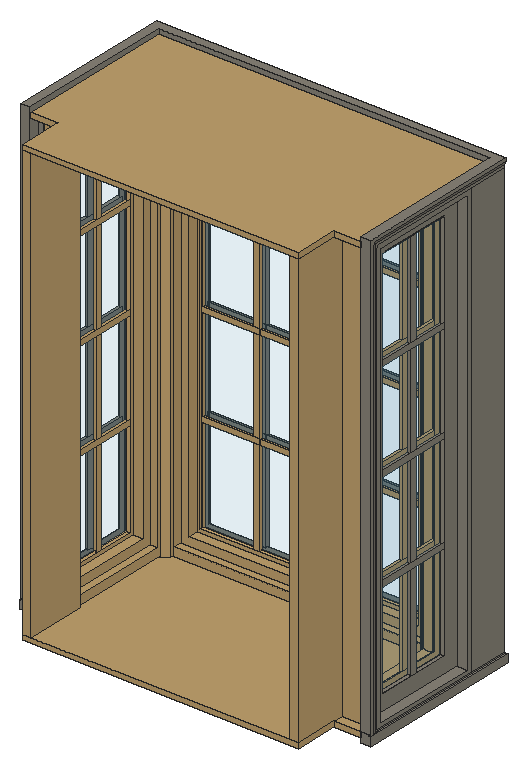
Revit family (continued)
Definition of nested family "Bay_Plan_Detail"
  Lines and regions (in)
    detail lines, style "Frame/Mullion", in view "Ref. Level", detail levels coarse+medium
      curve 31: line (16.812, 18.07551, 36.1875) -> (15.104, 18.07551, 36.1875)
      curve 32: line (15.104, 18.07551, 36.1875) -> (15.104, 19.69651, 36.1875)
      curve 34: line (23.656, 15.5, 36.1875) -> (18, 15.5, 36.1875)
      curve 35: line (18, 15.50051, 36.1875) -> (18, 14.31316, 36.1875)
      curve 36: line (18, 14.312, 36.1875) -> (23.656, 14.312, 36.1875)
      curve 37: line (23.65651, 14.31316, 36.1875) -> (23.65651, 21.15651, 36.1875)
      curve 38: line (22.19651, 12.60516, 36.1875) -> (22.19651, 14.31316, 36.1875)
      curve 39: line (20.57551, 14.31316, 36.1875) -> (20.57551, 12.60516, 36.1875)
      curve 40: line (20.575, 12.60516, 36.1875) -> (22.196, 12.60516, 36.1875)
      curve 41: line (20.57551, 0.688, 36.1875) -> (20.57551, 2.396, 36.1875)
      curve 42: line (22.19651, 2.396, 36.1875) -> (22.19651, 0.688, 36.1875)
      curve 43: line (20.575, 2.396, 36.1875) -> (22.196, 2.396, 36.1875)
      curve 44: line (18, 0.688, 36.1875) -> (23.656, 0.688, 36.1875)
      curve 45: line (18, -0.5, 36.1875) -> (18, 0.688, 36.1875)
      curve 46: line (23.656, -0.5, 36.1875) -> (18, -0.5, 36.1875)
      curve 47: line (23.65651, 0.688, 36.1875) -> (23.65651, -0.5, 36.1875)
      curve 49: line (-23.65651, 15.5, 0) -> (-18, 15.5, 0)
      curve 50: line (-18, 15.5, 0) -> (-18, 14.312, 0)
      curve 51: line (-18, 14.312, 0) -> (-23.65651, 14.312, 0)
      curve 52: line (-23.65651, 14.312, 0) -> (-23.65651, 21.15651, 0)
      curve 53: line (-22.19651, 12.604, 0) -> (-22.19651, 14.312, 0)
      curve 54: line (-20.57551, 14.312, 0) -> (-20.57551, 12.604, 0)
      curve 55: line (-20.57551, 12.604, 0) -> (-22.19651, 12.604, 0)
      curve 56: line (-20.57551, 0.688, 0) -> (-20.57551, 2.396, 0)
      curve 57: line (-22.19651, 2.396, 0) -> (-22.19651, 0.688, 0)
      curve 58: line (-20.57551, 2.396, 0) -> (-22.19651, 2.396, 0)
      curve 59: line (-18, 0.688, 0) -> (-23.65651, 0.688, 0)
      curve 60: line (-18, -0.5, 0) -> (-18, 0.688, 0)
      curve 61: line (-23.65651, -0.5, 0) -> (-18, -0.5, 0)
      curve 62: line (-23.65651, 0.688, 0) -> (-23.65651, -0.5, 0)
    detail lines, style "Glass", in view "Ref. Level", detail levels coarse+medium
      curve 33: line (-15.104, 18.89458, 36.1875) -> (15.104, 18.89458, 36.1875)
      curve 48: line (21.3855, 2.396, 36.1875) -> (21.3855, 12.60516, 36.1875)
      curve 63: line (-21.38601, 2.396, 0) -> (-21.38601, 12.604, 0)
    detail lines, in view "Ref. Level", detail levels coarse+medium
      curve 64: line (-22.19651, 2.396, 0) -> (-22.19651, 12.604, 0)
      curve 65: line (-20.57551, 2.396, 0) -> (-20.57551, 12.604, 0)
      curve 66: line (-15.104, 19.69651, 0) -> (15.104, 19.69651, 0)
      curve 67: line (-15.104, 18.07551, 0) -> (15.104, 18.07551, 0)
      curve 68: line (22.19651, 12.60516, 0) -> (22.19651, 2.396, 0)
      curve 69: line (20.57551, 12.60516, 0) -> (20.57551, 2.396, 0)
  Dimensions and locks (in)
    equal spacing: plane 7, plane 3 "Center (Left/Right)", plane 8
    locked: plane 4 to plane 7 at 4.5625
    locked: plane 8 to plane 5 at 4.5625
    "Center Unit Width": plane 7 to plane 8
    locked: plane 9 to plane 6 "Projection" at 4.5625
    "Side Unit Width": plane 1 "Center (Front/Back)" to plane 9
    aligned and locked: plane 6 "Projection" to nested 6
    aligned and locked: nested 5 to plane 6 "Projection"
    aligned and locked: plane 1 "Center (Front/Back)" to nested 1
    aligned and locked: plane 4 to nested 1
    aligned and locked: nested 2 to plane 1 "Center (Front/Back)"
    aligned and locked: nested 2 to plane 5
    aligned and locked: nested 3 to plane 4
    aligned and locked: plane 5 to nested 4
    aligned and locked: curve 7 to nested 6
    aligned and locked: curve 6 to nested 6
    aligned and locked: curve 5 to nested 5
    aligned and locked: nested 5 to curve 6
    aligned and locked: curve 7 to nested 5
    aligned and locked: curve 8 to nested 5
    aligned and locked: nested 6 to plane 7
    aligned and locked: nested 5 to plane 8
    aligned and locked: plane 9 to nested 3
    aligned and locked: nested 4 to plane 9
    aligned and locked: curve 9 to nested 1  (x2)
    aligned and locked: nested 1 to curve 10
    aligned and locked: curve 10 to nested 1
    aligned and locked: curve 11 to nested 1  (x2)
    aligned and locked: nested 1 to curve 12
    aligned and locked: curve 12 to nested 1
    aligned and locked: curve 13 to nested 2
    aligned and locked: curve 14 to nested 2
    aligned and locked: nested 2 to curve 15
    aligned and locked: curve 15 to nested 2
    aligned and locked: curve 16 to nested 2  (x2)
    aligned and locked: nested 2 to curve 17
    aligned and locked: curve 17 to nested 2
    aligned and locked: nested 1 to curve 18  (x2)
    aligned and locked: nested 6 to curve 21
    aligned and locked: curve 19 to plane 7
    aligned and locked: curve 22 to nested 6
    aligned and locked: plane 9 to curve 20
    aligned and locked: curve 23 to nested 6
    aligned and locked: nested 6 to curve 24
    aligned and locked: curve 25 to curve 33
    aligned and locked: curve 28 to nested 5
    aligned and locked: curve 26 to plane 8
    aligned and locked: curve 29 to nested 5
    aligned and locked: curve 27 to plane 9
    aligned and locked: curve 32 to curve 33
    aligned and locked: curve 46 to plane 1 "Center (Front/Back)"
    aligned and locked: curve 47 to nested 2
    aligned and locked: curve 44 to nested 2
    aligned and locked: plane 8 to curve 45
    aligned and locked: nested 2 to curve 41
    aligned and locked: curve 42 to nested 2
    aligned and locked: curve 43 to curve 48
    aligned and locked: curve 34 to plane 9
    aligned and locked: curve 35 to plane 8
    aligned and locked: curve 37 to nested 4
    aligned and locked: curve 36 to nested 4
    aligned and locked: curve 38 to nested 4
    aligned and locked: nested 4 to curve 39
    aligned and locked: curve 40 to curve 48
    aligned and locked: plane 1 "Center (Front/Back)" to curve 61
    aligned and locked: plane 7 to curve 60
    aligned and locked: curve 62 to nested 1
    aligned and locked: curve 59 to nested 1
    aligned and locked: nested 1 to curve 56
    aligned and locked: curve 58 to nested 1
    aligned and locked: plane 9 to curve 49
    aligned and locked: curve 51 to nested 3
    aligned and locked: nested 3 to curve 54
    aligned and locked: curve 53 to nested 3
    aligned and locked: curve 55 to nested 3
    aligned and locked: nested 1 to curve 64
    aligned and locked: nested 1 to curve 65
    aligned and locked: curve 30 to nested 5
    aligned and locked: nested 5 to curve 31
    aligned and locked: curve 25 to curve 66
    aligned and locked: curve 66 to curve 23
    aligned and locked: curve 67 to curve 25
    aligned and locked: curve 24 to curve 67
    aligned and locked: curve 68 to curve 38
    aligned and locked: curve 40 to curve 69
    aligned and locked: curve 39 to curve 69
  Automatic sketch dimensions
    curve 19 to plane 6 "Projection" = 0' - 1.09401"
    curve 19 to plane 9 = 0' - 0.00908"
    plane 4 to curve 20 = 0' - 4 9/16"
    curve 20 to curve 20 = 0' - 1.188"
    curve 21 to plane 6 "Projection" = 0' - 1.09401"
    curve 21 to plane 9 = 0' - 0.00908"
    curve 22 to plane 4 = 0' - 1.09401"
    curve 22 to curve 22 = 0' - 6.84451"
    plane 7 to curve 23 = 0' - 1.188"
    plane 7 to curve 23 = 0' - 2.896"
    plane 7 to curve 24 = 0' - 1.188"
    plane 7 to curve 24 = 0' - 2.896"
    plane 6 "Projection" to curve 25 = 0' - 0.36599"
    plane 6 "Projection" to curve 25 = 0' - 1.98699"
    curve 26 to plane 6 "Projection" = 0' - 1.09401"
    curve 26 to plane 9 = 0' - 0"
    curve 27 to plane 8 = 0' - 1.188"
    curve 27 to curve 27 = 0' - 1.188"
    curve 28 to plane 6 "Projection" = 0' - 1.09401"
    curve 28 to plane 9 = 0' - 0"
    curve 29 to plane 8 = 0' - 1.188"
    curve 29 to curve 29 = 0' - 6.84451"
    curve 30 to plane 8 = 0' - 2.896"
    curve 30 to curve 30 = 0' - 1.708"
    curve 31 to plane 8 = 0' - 2.896"
    curve 31 to curve 31 = 0' - 1.708"
    plane 6 "Projection" to curve 32 = 0' - 0.36599"
    plane 6 "Projection" to curve 32 = 0' - 1.98699"
    plane 5 to curve 34 = 0' - 4 9/16"
    curve 34 to curve 34 = 0' - 5.656"
    plane 6 "Projection" to curve 35 = 0' - 4.56199"
    curve 35 to curve 35 = 0' - 1.18735"
    plane 5 to curve 36 = 0' - 4 9/16"
    curve 36 to curve 36 = 0' - 5.656"
    curve 37 to plane 6 "Projection" = 0' - 1.09401"
    curve 37 to curve 37 = 0' - 6.84335"
    plane 6 "Projection" to curve 38 = 0' - 5.74934"
    curve 38 to curve 38 = 0' - 1.708"
    plane 6 "Projection" to curve 39 = 0' - 5.74934"
    curve 39 to curve 39 = 0' - 1.708"
    plane 5 to curve 40 = 0' - 1.9875"
    curve 40 to curve 40 = 0' - 1.621"
    curve 41 to plane 1 "Center (Front/Back)" = 0' - 2.896"
    curve 41 to plane 1 "Center (Front/Back)" = 0' - 1.188"
    curve 42 to plane 1 "Center (Front/Back)" = 0' - 2.896"
    curve 42 to plane 1 "Center (Front/Back)" = 0' - 1.188"
    plane 5 to curve 43 = 0' - 1.9875"
    curve 43 to curve 43 = 0' - 1.621"
    plane 5 to curve 44 = 0' - 4 9/16"
    curve 44 to curve 44 = 0' - 5.656"
    curve 45 to plane 1 "Center (Front/Back)" = 0' - 1.188"
    plane 1 "Center (Front/Back)" to curve 45 = 0' - 0"
    plane 5 to curve 46 = 0' - 4 9/16"
    curve 46 to curve 46 = 0' - 5.656"
    curve 47 to plane 1 "Center (Front/Back)" = 0' - 1.188"
    plane 1 "Center (Front/Back)" to curve 47 = 0' - 0"
    plane 6 "Projection" to curve 33 = 0' - 1.16792"
    plane 7 to curve 33 = 0' - 2.896"
    curve 33 to plane 8 = 0' - 2.896"
    plane 5 to curve 48 = 0' - 1.177"
    plane 9 to curve 48 = 0' - 2.89484"
    curve 48 to plane 1 "Center (Front/Back)" = 0' - 2.896"
    curve 51 to plane 7 = 0' - 0"
    curve 49 to plane 4 = 0' - 1.09401"
    curve 63 to curve 11 = 0' - 0.20426"
    curve 2 to plane 7 = 0' - 0.00051"
    curve 6 to curve 7 = 0' - 0"
    curve 8 to curve 7 = 0' - 0"
    curve 5 to curve 6 = 0' - 0"  (x2)
    curve 67 to curve 6 = 0' - 0.543"
    curve 66 to curve 6 = 0' - 0.543"
    curve 8 to curve 6 = 0' - 0"
    curve 7 to curve 8 = 0' - 0"
    plane 8 to curve 4 = 0' - 0.00051"
    curve 3 to plane 5 = 0' - 1.09401"
    curve 13 to curve 15 = 0' - 0"
    curve 14 to curve 13 = 0' - 0"
    curve 16 to curve 68 = 0' - 0.543"
    curve 69 to curve 17 = 0' - 0.17916"
    curve 18 to curve 54 = 0' - 0.17916"
    curve 17 to curve 69 = 0' - 0.18032"
    curve 68 to curve 69 = 0' - 0"
    curve 69 to curve 14 = 0' - 0.54184"
    curve 63 to curve 10 = 0' - 0.543"
    curve 16 to curve 14 = 0' - 0"
    curve 11 to curve 10 = 0' - 0"
    curve 15 to curve 16 = 0' - 0"
    curve 12 to curve 11 = 0' - 0"
    curve 9 to curve 10 = 0' - 0"
    curve 13 to curve 14 = 0' - 0"
    curve 3 to plane 9 = 0' - 0.00051"
    curve 4 to plane 6 "Projection" = 0' - 1.09331"
    curve 2 to plane 6 "Projection" = 0' - 1.09401"
  Nested families (in)
    nested 1: "Jamb_Detail" at (-22.5625, -0.5, 0) x (0, 1, 0) z (0, 0, 1), type "Jamb_Detail", in view "Ref. Level", detail levels fine
    nested 2: "Jamb_Detail" at (22.5625, -0.5, 0) x (0, 1, 0) z (0, 0, 1), type "Jamb_Detail", in view "Ref. Level", detail levels fine
    nested 3: "Jamb_Detail" at (-22.5625, 15.5, 0) x (0, -1, 0) z (0, 0, 1), type "Jamb_Detail", in view "Ref. Level", detail levels fine
    nested 4: "Jamb_Detail" at (22.5625, 15.5, 0) x (0, -1, 0) z (0, 0, 1), type "Jamb_Detail", in view "Ref. Level", detail levels fine
    nested 5: "Jamb_Detail" at (18, 20.0625, 0) x (-1, 0, 0) z (0, 0, 1), type "Jamb_Detail", in view "Ref. Level", detail levels fine
      with Screen no
    nested 6: "Jamb_Detail" at (-18, 20.0625, 0), type "Jamb_Detail", in view "Ref. Level", detail levels fine
      with Screen no
  Definition of nested family "Jamb_Detail"
    Parameters (values of type "Jamb_Detail")
      Screen [instance] = yes
      Assembly Code = ""
    Reference planes (in)
      plane 1 "Center (Front/Back)": y = 0
      plane 2: z = 0
      plane 3 "Center (Left/Right)": x = 0
    Lines and regions (in)
      detail lines, style "Cut Lines", in view "Ref. Level"
        curve 1: line (0, 4.56199, 0) -> (1.188, 4.56199, 0)
        curve 2: line (0, -1.09401, 0) -> (0, 4.56199, 0)
        curve 3: line (1.188, 4.56199, 0) -> (1.188, 0.76198, 0)
        curve 4: line (0.52105, -1.09401, 0) -> (0, -1.09401, 0)
        curve 5: line (0.637, 0.56409, 0) -> (0.52105, -1.09401, 0)
        curve 6: line (0.637, 0.56409, 0) -> (0.637, 1.98699, 0)
        curve 7: line (1.188, 3.46342, 0) -> (2.115, 3.46342, 0)
        curve 8: line (2.115, 3.46342, 0) -> (2.115, 2.86577, 0)
        curve 9: line (2.30184, 2.86577, 0) -> (2.30184, 2.34399, 0)
        curve 10: line (2.489, 2.34399, 0) -> (2.489, 1.98699, 0)
        curve 11: line (2.115, 2.86577, 0) -> (2.30184, 2.86577, 0)
        curve 12: line (0.805, 0.76198, 0) -> (1.188, 0.76198, 0)
        curve 13: line (0.805, 0.36599, 0) -> (0.805, 0.76198, 0)
        curve 14: line (2.696, 0.36599, 0) -> (0.805, 0.36599, 0)
        curve 15: line (2.696, 0.4846, 0) -> (2.696, 0.36599, 0)
        curve 16: line (2.896, 0.6846, 0) -> (2.696, 0.4846, 0)
        curve 17: line (2.208, 0.71396, 0) -> (2.896, 0.71396, 0)
        curve 18: line (2.208, 1.50299, 0) -> (2.208, 0.71396, 0)
        curve 19: line (2.896, 1.50299, 0) -> (2.208, 1.50299, 0)
        curve 20: line (2.896, 1.67399, 0) -> (2.896, 1.50299, 0)
        curve 21: line (2.677, 1.98699, 0) -> (2.677, 1.89299, 0)
        curve 22: line (0.637, 1.98699, 0) -> (2.677, 1.98699, 0)
        curve 23: line (2.896, 0.71396, 0) -> (2.896, 0.6846, 0)
        curve 24: line (2.677, 1.89299, 0) -> (2.896, 1.67399, 0)
        curve 34: line (2.353, 1.38075, 0) -> (2.353, 1.49875, 0)
        curve 35: line (2.478, 0.86675, 0) -> (2.478, 1.38075, 0)
        curve 36: line (2.728, 0.87375, 0) -> (2.728, 1.37375, 0)
        curve 37: line (2.353, 0.74875, 0) -> (2.353, 0.86675, 0)
        curve 38: line (2.30184, 2.34399, 0) -> (2.489, 2.34399, 0)
      detail lines, style "Cut Lines", in view "Ref. Level", visible <- "Screen"
        curve 25: line (2.30184, 2.71899, 0) -> (2.98516, 2.71899, 0)
        curve 26: line (2.88116, 2.34399, 0) -> (2.30184, 2.34399, 0)
        curve 27: line (2.88116, 2.57074, 0) -> (2.88116, 2.34399, 0)
        curve 28: line (3.00316, 2.57074, 0) -> (2.88116, 2.57074, 0)
        curve 29: line (3.07516, 2.61899, 0) -> (3.07516, 2.36799, 0)
        curve 30: line (3.00316, 2.36799, 0) -> (3.00316, 2.57074, 0)
        curve 31: line (3.00316, 2.36799, 0) -> (3.07516, 2.36799, 0)
        curve 32: line (2.98516, 2.71899, 0) -> (2.98516, 2.61899, 0)
        curve 33: line (2.98516, 2.61899, 0) -> (3.07516, 2.61899, 0)
Definition of nested family "Label Annotation 1-16 w4"
  Parameters
    Nominal Width = 6' - 10.31403"
    Nominal Height = 5' - 0 1/2"
    Label = ""
    Egress Info = "EGRESS WDW"
    Description = "CSMT BAY"
  Reference planes (in)
    plane 1: y = 0
    plane 2: x = 0
  Text (in)
    label "Nominal Width X  Nominal Height\n\nDescription\n\nEgress Info" at (0.00375, -0.00345, 0), shows "Nominal Width", "Nominal Height", "Description", "Egress Info"
Definition of nested family "Bay_Section_Detail"
  Parameters (values of type "Casement_Section_Detail")
    Height = 5' - 0 1/2"
    Assembly Code = ""
  Reference planes (in)
    plane 1 "Center (Front/Back)": y = 0
    plane 2: z = 0
    plane 3 "Center (Left/Right)": x = 0
    plane 4: y = 60.5
  Lines and regions (in)
    detail lines, style "Cut Lines", in view "Ref. Level"
      curve 1: line (0.74875, 2.353, 0) -> (0.74875, 58.147, 0)
      curve 2: line (0.86675, 2.353, 0) -> (0.86675, 58.147, 0)
      curve 3: line (1.38075, 2.353, 0) -> (1.38075, 58.147, 0)
      curve 4: line (1.49875, 2.353, 0) -> (1.49875, 58.147, 0)
  Dimensions and locks (in)
    "Height": plane 4 to plane 1 "Center (Front/Back)"
    aligned and locked: plane 1 "Center (Front/Back)" to nested 1
    aligned and locked: plane 3 "Center (Left/Right)" to nested 1
    aligned and locked: nested 2 to plane 4
    aligned and locked: plane 3 "Center (Left/Right)" to nested 2
    aligned and locked: curve 1 to nested 1  (x2)
    aligned and locked: nested 1 to curve 2
    aligned and locked: curve 2 to nested 1
    aligned and locked: curve 3 to nested 1  (x2)
    aligned and locked: nested 1 to curve 4
    aligned and locked: curve 4 to nested 1
  Automatic sketch dimensions
    curve 3 to plane 4 = 0' - 2.353"
    curve 2 to curve 3 = 0' - 0"
    curve 4 to curve 3 = 0' - 0"
    curve 1 to curve 2 = 0' - 0"
  Nested families (in)
    nested 1: "Sill_Detail" at (0, 0, 0), type "Sill_Detail", in view "Ref. Level"
      with Screen no
    nested 2: "Head_Detail" at (0, 60.5, 0), type "Head_Detail", in view "Ref. Level"
      with Screen no
  Definition of nested family "Sill_Detail"
    Parameters (values of type "Jamb_Detail")
      Screen [instance] = yes
      Assembly Code = ""
    Reference planes (in)
      plane 1 "Center (Front/Back)": y = 0
      plane 2: z = 0
      plane 3 "Center (Left/Right)": x = 0
    Lines and regions (in)
      detail lines, style "Cut Lines", in view "Ref. Level"
        curve 1: line (4.56199, 0, 0) -> (4.56199, 1.188, 0)
        curve 2: line (-1.09401, 0, 0) -> (4.56199, 0, 0)
        curve 3: line (4.56199, 1.188, 0) -> (0.76198, 1.188, 0)
        curve 4: line (-1.09401, 0.52105, 0) -> (-1.09401, 0, 0)
        curve 5: line (0.56409, 0.637, 0) -> (-1.09401, 0.52105, 0)
        curve 6: line (0.56409, 0.637, 0) -> (1.98699, 0.637, 0)
        curve 7: line (3.46342, 1.188, 0) -> (3.46342, 2.115, 0)
        curve 8: line (3.46342, 2.115, 0) -> (2.86577, 2.115, 0)
        curve 9: line (2.86577, 2.30184, 0) -> (2.34399, 2.30184, 0)
        curve 10: line (2.34399, 2.489, 0) -> (1.98699, 2.489, 0)
        curve 11: line (2.86577, 2.115, 0) -> (2.86577, 2.30184, 0)
        curve 12: line (0.76198, 0.805, 0) -> (0.76198, 1.188, 0)
        curve 13: line (0.36599, 0.805, 0) -> (0.76198, 0.805, 0)
        curve 14: line (0.36599, 2.696, 0) -> (0.36599, 0.805, 0)
        curve 15: line (0.4846, 2.696, 0) -> (0.36599, 2.696, 0)
        curve 16: line (0.6846, 2.896, 0) -> (0.4846, 2.696, 0)
        curve 17: line (0.71396, 2.208, 0) -> (0.71396, 2.896, 0)
        curve 18: line (1.50299, 2.208, 0) -> (0.71396, 2.208, 0)
        curve 19: line (1.50299, 2.896, 0) -> (1.50299, 2.208, 0)
        curve 20: line (1.67399, 2.896, 0) -> (1.50299, 2.896, 0)
        curve 21: line (1.98699, 2.677, 0) -> (1.89299, 2.677, 0)
        curve 22: line (1.98699, 0.637, 0) -> (1.98699, 2.677, 0)
        curve 23: line (0.71396, 2.896, 0) -> (0.6846, 2.896, 0)
        curve 24: line (1.89299, 2.677, 0) -> (1.67399, 2.896, 0)
        curve 34: line (1.38075, 2.353, 0) -> (1.49875, 2.353, 0)
        curve 35: line (0.86675, 2.478, 0) -> (1.38075, 2.478, 0)
        curve 36: line (0.87375, 2.728, 0) -> (1.37375, 2.728, 0)
        curve 37: line (0.74875, 2.353, 0) -> (0.86675, 2.353, 0)
        curve 38: line (2.34399, 2.30184, 0) -> (2.34399, 2.489, 0)
      detail lines, style "Cut Lines", in view "Ref. Level", visible <- "Screen"
        curve 25: line (2.71899, 2.30184, 0) -> (2.71899, 2.98516, 0)
        curve 26: line (2.34399, 2.88116, 0) -> (2.34399, 2.30184, 0)
        curve 27: line (2.57074, 2.88116, 0) -> (2.34399, 2.88116, 0)
        curve 28: line (2.57074, 3.00316, 0) -> (2.57074, 2.88116, 0)
        curve 29: line (2.61899, 3.07516, 0) -> (2.36799, 3.07516, 0)
        curve 30: line (2.36799, 3.00316, 0) -> (2.57074, 3.00316, 0)
        curve 31: line (2.36799, 3.00316, 0) -> (2.36799, 3.07516, 0)
        curve 32: line (2.71899, 2.98516, 0) -> (2.61899, 2.98516, 0)
        curve 33: line (2.61899, 2.98516, 0) -> (2.61899, 3.07516, 0)
  Definition of nested family "Head_Detail"
    Parameters (values of type "Jamb_Detail")
      Screen [instance] = yes
      Assembly Code = ""
    Reference planes (in)
      plane 1 "Center (Front/Back)": y = 0
      plane 2: z = 0
      plane 3 "Center (Left/Right)": x = 0
    Lines and regions (in)
      detail lines, style "Cut Lines", in view "Ref. Level"
        curve 1: line (4.56199, 0, 0) -> (4.56199, -1.188, 0)
        curve 2: line (-1.09401, 0, 0) -> (4.56199, 0, 0)
        curve 3: line (4.56199, -1.188, 0) -> (0.76198, -1.188, 0)
        curve 4: line (-1.09401, -0.52105, 0) -> (-1.09401, 0, 0)
        curve 5: line (0.56409, -0.637, 0) -> (-1.09401, -0.52105, 0)
        curve 6: line (0.56409, -0.637, 0) -> (1.98699, -0.637, 0)
        curve 7: line (3.46342, -1.188, 0) -> (3.46342, -2.115, 0)
        curve 8: line (3.46342, -2.115, 0) -> (2.86577, -2.115, 0)
        curve 9: line (2.86577, -2.30184, 0) -> (2.34399, -2.30184, 0)
        curve 10: line (2.34399, -2.489, 0) -> (1.98699, -2.489, 0)
        curve 11: line (2.86577, -2.115, 0) -> (2.86577, -2.30184, 0)
        curve 12: line (0.76198, -0.805, 0) -> (0.76198, -1.188, 0)
        curve 13: line (0.36599, -0.805, 0) -> (0.76198, -0.805, 0)
        curve 14: line (0.36599, -2.696, 0) -> (0.36599, -0.805, 0)
        curve 15: line (0.4846, -2.696, 0) -> (0.36599, -2.696, 0)
        curve 16: line (0.6846, -2.896, 0) -> (0.4846, -2.696, 0)
        curve 17: line (0.71396, -2.208, 0) -> (0.71396, -2.896, 0)
        curve 18: line (1.50299, -2.208, 0) -> (0.71396, -2.208, 0)
        curve 19: line (1.50299, -2.896, 0) -> (1.50299, -2.208, 0)
        curve 20: line (1.67399, -2.896, 0) -> (1.50299, -2.896, 0)
        curve 21: line (1.98699, -2.677, 0) -> (1.89299, -2.677, 0)
        curve 22: line (1.98699, -0.637, 0) -> (1.98699, -2.677, 0)
        curve 23: line (0.71396, -2.896, 0) -> (0.6846, -2.896, 0)
        curve 24: line (1.89299, -2.677, 0) -> (1.67399, -2.896, 0)
        curve 34: line (1.38075, -2.353, 0) -> (1.49875, -2.353, 0)
        curve 35: line (0.86675, -2.478, 0) -> (1.38075, -2.478, 0)
        curve 36: line (0.87375, -2.728, 0) -> (1.37375, -2.728, 0)
        curve 37: line (0.74875, -2.353, 0) -> (0.86675, -2.353, 0)
        curve 38: line (2.34399, -2.30184, 0) -> (2.34399, -2.489, 0)
      detail lines, style "Cut Lines", in view "Ref. Level", visible <- "Screen"
        curve 25: line (2.71899, -2.30184, 0) -> (2.71899, -2.98516, 0)
        curve 26: line (2.34399, -2.88116, 0) -> (2.34399, -2.30184, 0)
        curve 27: line (2.57074, -2.88116, 0) -> (2.34399, -2.88116, 0)
        curve 28: line (2.57074, -3.00316, 0) -> (2.57074, -2.88116, 0)
        curve 29: line (2.61899, -3.07516, 0) -> (2.36799, -3.07516, 0)
        curve 30: line (2.36799, -3.00316, 0) -> (2.57074, -3.00316, 0)
        curve 31: line (2.36799, -3.00316, 0) -> (2.36799, -3.07516, 0)
        curve 32: line (2.71899, -2.98516, 0) -> (2.61899, -2.98516, 0)
        curve 33: line (2.61899, -2.98516, 0) -> (2.61899, -3.07516, 0)
